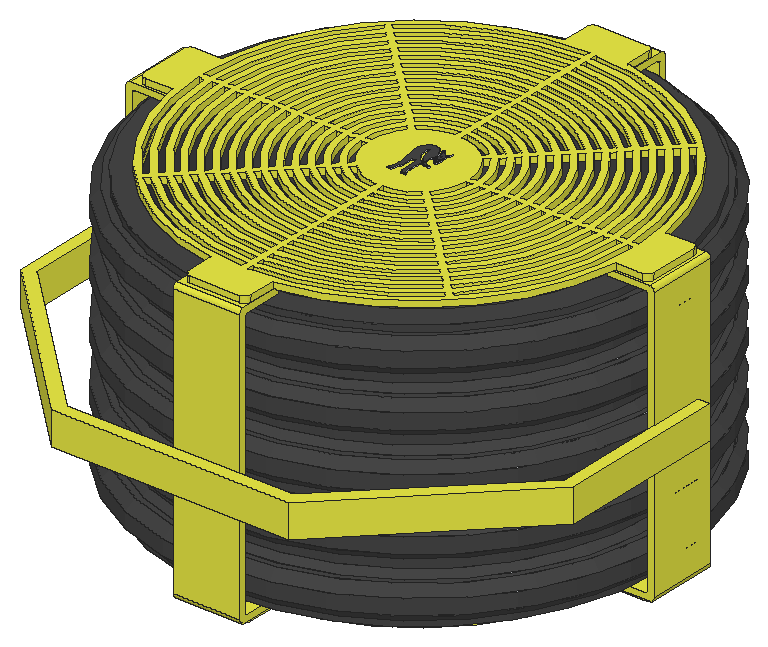
Revit family "yellow jacket", category Generic Models, Revit 2014
Reference planes (in)
  plane 1 "Center (Front/Back)": y = 0
  plane 2: z = 0
  plane 3 "Center (Left/Right)": x = 0
Forms (in)
  Extrusion 1, solid
    sketch origin (0, 0, 0) x (1, 0, 0) y (0, 1, 0)
      loop
        circle (0, 0) r 18
      loop
        circle (0, 0) r 17.5
    from 0 to 21
  Extrusion 2, solid
    sketch origin (0, 0, 0) x (1, 0, 0) y (0, 1, 0)
      loop
        circle (0, 0) r 19.5
      loop
        circle (0, 0) r 17.5
      loop
        circle (0, 18.58764) r 0.5
      loop
        circle (-18.75, 0) r 0.5
      loop
        circle (18.75, 0) r 0.5
      loop
        circle (0, -18.66236) r 0.5
    from -0.25 to 0.5
  Extrusion 3, solid
    sketch origin (0, 0, 0) x (1, 0, 0) y (0, 1, 0)
      loop
        circle (0, 0) r 19.5
      loop
        circle (0, 0) r 17.5
      loop
        circle (0, 18.58764) r 0.5
      loop
        circle (-18.75, 0) r 0.5
      loop
        circle (18.75, 0) r 0.5
      loop
        circle (0, -18.66236) r 0.5
    from 21 to 21.5
  Revolve 4, solid
    sketch origin (0, 0, 0) x (0, 1, 0) y (0, 0, 1)
      loop
        line (20.00803, 21) -> (18.01971, 21) -> (18.01971, 0.5) -> (20.00803, 0.5) -> (20.72137, 1.21333) -> (20.72137, 2.47434) -> (20.00803, 3.18767) -> (19.50363, 3.18767) -> (18.99923, 3.69208) -> (18.99923, 4.44868) -> (19.50363, 4.95308) -> (20.00803, 4.95308) -> (20.72137, 5.66641) -> (20.72137, 6.92742) -> (20.00803, 7.64075) -> (19.50363, 7.64075) -> (18.99923, 8.14516) -> (18.99923, 8.90176) -> (19.50363, 9.40616) -> (20.00803, 9.40616) -> (20.72137, 10.1195) -> (20.72137, 11.3805) -> (20.00803, 12.09384) -> (19.50363, 12.09384) -> (18.99923, 12.59824) -> (18.99923, 13.35484) -> (19.50363, 13.85925) -> (20.00803, 13.85925) -> (20.72137, 14.57258) -> (20.72137, 15.83359) -> (20.00803, 16.54692) -> (19.50363, 16.54692) -> (18.99923, 17.05132) -> (18.99923, 17.80792) -> (19.50363, 18.31233) -> (20.00803, 18.31233) -> (20.72137, 19.02566) -> (20.72137, 20.28667) -> (20.00803, 21)
      axis (0, 21) -> (0, 0.5)
    angle from 0 to 360
  Extrusion 5, solid
    sketch origin (0, 0, 0) x (1, 0, 0) y (0, 0, 1)
      loop
        line (-17.5, 21.5) -> (-17.5, 22) -> (-20.88008, 22)
        arc (-20.88008, 22) -> (-21.14165, 21.89165) -> (-21.25, 21.63008) r 0.36992
        line (-21.25, 21.63008) -> (-21.25, -0.37977)
        arc (-21.25, -0.37977) -> (-21.14156, -0.64156) -> (-20.87977, -0.75) r 0.37023
        line (-20.87977, -0.75) -> (-17.5, -0.75) -> (-17.5, -0.25) -> (-20.58346, -0.25)
        arc (-20.58346, -0.25) -> (-20.70122, -0.20122) -> (-20.75, -0.08346) r 0.16654
        line (-20.75, -0.08346) -> (-20.75, 21.35054)
        arc (-20.75, 21.35054) -> (-20.70622, 21.45622) -> (-20.60054, 21.5) r 0.14946
        line (-20.60054, 21.5) -> (-17.5, 21.5)
      loop
        line (17.5, 21.5) -> (20.60054, 21.5)
        arc (20.60054, 21.5) -> (20.70622, 21.45622) -> (20.75, 21.35054) r 0.14946
        line (20.75, 21.35054) -> (20.75, -0.08346)
        arc (20.75, -0.08346) -> (20.70122, -0.20122) -> (20.58346, -0.25) r 0.16654
        line (20.58346, -0.25) -> (17.5, -0.25) -> (17.5, -0.75) -> (20.87977, -0.75)
        arc (20.87977, -0.75) -> (21.14156, -0.64156) -> (21.25, -0.37977) r 0.37023
        line (21.25, -0.37977) -> (21.25, 21.63008)
        arc (21.25, 21.63008) -> (21.14165, 21.89165) -> (20.88008, 22) r 0.36992
        line (20.88008, 22) -> (17.5, 22) -> (17.5, 21.5)
    from -2.71486 to 2.87752
  Extrusion 6, solid
    sketch origin (0, 0, 0) x (0, 1, 0) y (0, 0, 1)
      loop
        line (17.5, 21.5) -> (20.59079, 21.5)
        arc (20.59079, 21.5) -> (20.70337, 21.45337) -> (20.75, 21.34079) r 0.15921
        line (20.75, 21.34079) -> (20.75, -0.05758)
        arc (20.75, -0.05758) -> (20.69364, -0.19364) -> (20.55758, -0.25) r 0.19242
        line (20.55758, -0.25) -> (17.5, -0.25) -> (17.5, -0.5) -> (17.5, -0.75) -> (20.79832, -0.75)
        arc (20.79832, -0.75) -> (21.1177, -0.6177) -> (21.25, -0.29832) r 0.45168
        line (21.25, -0.29832) -> (21.25, 21.69143)
        arc (21.25, 21.69143) -> (21.15962, 21.90962) -> (20.94143, 22) r 0.30857
        line (20.94143, 22) -> (17.5, 22) -> (17.5, 21.5)
      loop
        line (-17.66265, 21.5) -> (-17.66265, 22) -> (-21.10409, 22)
        arc (-21.10409, 22) -> (-21.32228, 21.90962) -> (-21.41265, 21.69143) r 0.30857
        line (-21.41265, 21.69143) -> (-21.41265, -0.29832)
        arc (-21.41265, -0.29832) -> (-21.28036, -0.6177) -> (-20.96097, -0.75) r 0.45168
        line (-20.96097, -0.75) -> (-17.66265, -0.75) -> (-17.66265, -0.5) -> (-17.66265, -0.25) -> (-20.72024, -0.25)
        arc (-20.72024, -0.25) -> (-20.8563, -0.19364) -> (-20.91265, -0.05758) r 0.19242
        line (-20.91265, -0.05758) -> (-20.91265, 21.34079)
        arc (-20.91265, 21.34079) -> (-20.86602, 21.45337) -> (-20.75344, 21.5) r 0.15921
        line (-20.75344, 21.5) -> (-17.66265, 21.5)
    from -2.58842 to 2.7515
  Extrusion 7, solid
    sketch origin (0, 0, 0) x (1, 0, 0) y (0, 1, 0)
      loop
        arc (-2.37825, 17.68301) -> (-12.60617, 12.58539) -> (-17.70379, 2.35746) r 18
        line (-17.70379, 2.35746) -> (-19.87825, 2.35746)
        arc (-19.87825, 2.35746) -> (-20.2318, 2.21102) -> (-20.37825, 1.85746) r 0.5
        line (-20.37825, 1.85746) -> (-20.37825, -2.14254)
        arc (-20.37825, -2.14254) -> (-20.2318, -2.49609) -> (-19.87825, -2.64254) r 0.5
        line (-19.87825, -2.64254) -> (-17.70379, -2.64254)
        arc (-17.70379, -2.64254) -> (-12.60617, -12.87046) -> (-2.37825, -17.96808) r 18
        line (-2.37825, -17.96808) -> (-2.37825, -20.14254)
        arc (-2.37825, -20.14254) -> (-2.2318, -20.49609) -> (-1.87825, -20.64254) r 0.5
        line (-1.87825, -20.64254) -> (2.12175, -20.64254)
        arc (2.12175, -20.64254) -> (2.47531, -20.49609) -> (2.62175, -20.14254) r 0.5
        line (2.62175, -20.14254) -> (2.62175, -17.96808)
        arc (2.62175, -17.96808) -> (12.84967, -12.87046) -> (17.9473, -2.64254) r 18
        line (17.9473, -2.64254) -> (20.12175, -2.64254)
        arc (20.12175, -2.64254) -> (20.47531, -2.49609) -> (20.62175, -2.14254) r 0.5
        line (20.62175, -2.14254) -> (20.62175, 1.85746)
        arc (20.62175, 1.85746) -> (20.47531, 2.21102) -> (20.12175, 2.35746) r 0.5
        line (20.12175, 2.35746) -> (17.9473, 2.35746)
        arc (17.9473, 2.35746) -> (12.84967, 12.58539) -> (2.62175, 17.68301) r 18
        line (2.62175, 17.68301) -> (2.62175, 19.85746)
        arc (2.62175, 19.85746) -> (2.47531, 20.21102) -> (2.12175, 20.35746) r 0.5
        line (2.12175, 20.35746) -> (-1.87825, 20.35746)
        arc (-1.87825, 20.35746) -> (-2.2318, 20.21102) -> (-2.37825, 19.85746) r 0.5
        line (-2.37825, 19.85746) -> (-2.37825, 17.68301)
      loop
        arc (-17.37646, -0.39254) -> (-16.04614, -6.8395) -> (-12.42813, -12.33887) r 17.5
        line (-12.42813, -12.33887) -> (-12.07454, -11.98528)
        arc (-12.07454, -11.98528) -> (-15.5842, -6.64815) -> (-16.87641, -0.39254) r 17
        line (-16.87641, -0.39254) -> (-17.37646, -0.39254)
      loop
        arc (-16.37635, -0.39254) -> (-15.12226, -6.45681) -> (-11.72095, -11.63168) r 16.5
        line (-11.72095, -11.63168) -> (-11.36735, -11.27809)
        arc (-11.36735, -11.27809) -> (-14.66032, -6.26547) -> (-15.8763, -0.39254) r 16
        line (-15.8763, -0.39254) -> (-16.37635, -0.39254)
      loop
        arc (-15.37623, -0.39254) -> (-14.19838, -6.07413) -> (-11.01375, -10.92449) r 15.5
        line (-11.01375, -10.92449) -> (-10.66015, -10.57089)
        arc (-10.66015, -10.57089) -> (-13.73644, -5.88279) -> (-14.87616, -0.39254) r 15
        line (-14.87616, -0.39254) -> (-15.37623, -0.39254)
      loop
        arc (-14.37609, -0.39254) -> (-13.2745, -5.69145) -> (-10.30655, -10.21728) r 14.5
        line (-10.30655, -10.21728) -> (-9.95294, -9.86368)
        arc (-9.95294, -9.86368) -> (-12.81256, -5.5001) -> (-13.87602, -0.39254) r 14
        line (-13.87602, -0.39254) -> (-14.37609, -0.39254)
      loop
        arc (-13.37593, -0.39254) -> (-12.35062, -5.30876) -> (-9.59933, -9.51006) r 13.5
        line (-9.59933, -9.51006) -> (-9.24571, -9.15645)
        arc (-9.24571, -9.15645) -> (-11.88868, -5.11742) -> (-12.87584, -0.39254) r 13
        line (-12.87584, -0.39254) -> (-13.37593, -0.39254)
      loop
        arc (-12.37575, -0.39254) -> (-11.42674, -4.92608) -> (-8.89209, -8.80283) r 12.5
        line (-8.89209, -8.80283) -> (-8.53846, -8.4492)
        arc (-8.53846, -8.4492) -> (-10.9648, -4.73474) -> (-11.87564, -0.39254) r 12
        line (-11.87564, -0.39254) -> (-12.37575, -0.39254)
      loop
        arc (-11.37553, -0.39254) -> (-10.50286, -4.5434) -> (-8.18483, -8.09557) r 11.5
        line (-8.18483, -8.09557) -> (-7.83119, -7.74193)
        arc (-7.83119, -7.74193) -> (-10.04092, -4.35205) -> (-10.87541, -0.39254) r 11
        line (-10.87541, -0.39254) -> (-11.37553, -0.39254)
      loop
        arc (-10.37527, -0.39254) -> (-9.57898, -4.16071) -> (-7.47754, -7.38828) r 10.5
        line (-7.47754, -7.38828) -> (-7.12388, -7.03462)
        arc (-7.12388, -7.03462) -> (-9.11704, -3.96937) -> (-9.87512, -0.39254) r 10
        line (-9.87512, -0.39254) -> (-10.37527, -0.39254)
      loop
        arc (-9.37496, -0.39254) -> (-8.6551, -3.77803) -> (-6.77021, -6.68095) r 9.5
        line (-6.77021, -6.68095) -> (-6.41653, -6.32726)
        arc (-6.41653, -6.32726) -> (-8.19316, -3.58669) -> (-8.87478, -0.39254) r 9
        line (-8.87478, -0.39254) -> (-9.37496, -0.39254)
      loop
        arc (-8.37457, -0.39254) -> (-7.73122, -3.39535) -> (-6.06283, -5.97357) r 8.5
        line (-6.06283, -5.97357) -> (-5.70912, -5.61985)
        arc (-5.70912, -5.61985) -> (-7.26928, -3.204) -> (-7.87434, -0.39254) r 8
        line (-7.87434, -0.39254) -> (-8.37457, -0.39254)
      loop
        arc (-7.37408, -0.39254) -> (-6.80734, -3.01266) -> (-5.35538, -5.26611) r 7.5
        line (-5.35538, -5.26611) -> (-5.00161, -4.91235)
        arc (-5.00161, -4.91235) -> (-6.34541, -2.82132) -> (-6.87378, -0.39254) r 7
        line (-6.87378, -0.39254) -> (-7.37408, -0.39254)
      loop
        arc (-6.37344, -0.39254) -> (-5.88347, -2.62998) -> (-4.64782, -4.55855) r 6.5
        line (-4.64782, -4.55855) -> (-4.29398, -4.20472)
        arc (-4.29398, -4.20472) -> (-5.42153, -2.43864) -> (-5.87304, -0.39254) r 6
        line (-5.87304, -0.39254) -> (-6.37344, -0.39254)
      loop
        arc (-5.37256, -0.39254) -> (-4.95959, -2.2473) -> (-3.94009, -3.85083) r 5.5
        line (-3.94009, -3.85083) -> (-3.58614, -3.49687)
        arc (-3.58614, -3.49687) -> (-4.49765, -2.05595) -> (-4.87199, -0.39254) r 5
        line (-4.87199, -0.39254) -> (-5.37256, -0.39254)
      loop
        arc (-4.3713, -0.39254) -> (-4.03571, -1.86461) -> (-3.23209, -3.14283) r 4.5
        line (-3.23209, -3.14283) -> (-2.87792, -2.78866)
        arc (-2.87792, -2.78866) -> (-3.57377, -1.67327) -> (-3.87043, -0.39254) r 4
        line (-3.87043, -0.39254) -> (-4.3713, -0.39254)
      loop
        line (-0.12825, 3.84964) -> (-0.12825, 4.35051)
        arc (-0.12825, 4.35051) -> (-1.60032, 4.01492) -> (-2.87854, 3.21131) r 4.5
        line (-2.87854, 3.21131) -> (-2.52437, 2.85714)
        arc (-2.52437, 2.85714) -> (-1.40898, 3.55298) -> (-0.12825, 3.84964) r 4
      loop
        line (-0.12825, 4.85121) -> (-0.12825, 5.35178)
        arc (-0.12825, 5.35178) -> (-1.98301, 4.9388) -> (-3.58654, 3.91931) r 5.5
        line (-3.58654, 3.91931) -> (-3.23258, 3.56535)
        arc (-3.23258, 3.56535) -> (-1.79167, 4.47686) -> (-0.12825, 4.85121) r 5
      loop
        line (-0.12825, 5.85225) -> (-0.12825, 6.35265)
        arc (-0.12825, 6.35265) -> (-2.36569, 5.86268) -> (-4.29426, 4.62703) r 6.5
        line (-4.29426, 4.62703) -> (-3.94043, 4.2732)
        arc (-3.94043, 4.2732) -> (-2.17435, 5.40074) -> (-0.12825, 5.85225) r 6
      loop
        line (-0.12825, 6.853) -> (-0.12825, 7.3533)
        arc (-0.12825, 7.3533) -> (-2.74837, 6.78656) -> (-5.00183, 5.33459) r 7.5
        line (-5.00183, 5.33459) -> (-4.64806, 4.98083)
        arc (-4.64806, 4.98083) -> (-2.55703, 6.32462) -> (-0.12825, 6.853) r 7
      loop
        line (-0.12825, 7.85356) -> (-0.12825, 8.35379)
        arc (-0.12825, 8.35379) -> (-3.13106, 7.71044) -> (-5.70928, 6.04205) r 8.5
        line (-5.70928, 6.04205) -> (-5.35556, 5.68833)
        arc (-5.35556, 5.68833) -> (-2.93972, 7.2485) -> (-0.12825, 7.85356) r 8
      loop
        line (-0.12825, 8.85399) -> (-0.12825, 9.35417)
        arc (-0.12825, 9.35417) -> (-3.51374, 8.63432) -> (-6.41666, 6.74943) r 9.5
        line (-6.41666, 6.74943) -> (-6.06298, 6.39575)
        arc (-6.06298, 6.39575) -> (-3.3224, 8.17238) -> (-0.12825, 8.85399) r 9
      loop
        line (-0.12825, 9.85434) -> (-0.12825, 10.35449)
        arc (-0.12825, 10.35449) -> (-3.89642, 9.5582) -> (-7.12399, 7.45676) r 10.5
        line (-7.12399, 7.45676) -> (-6.77033, 7.1031)
        arc (-6.77033, 7.1031) -> (-3.70508, 9.09626) -> (-0.12825, 9.85434) r 10
      loop
        line (-0.12825, 10.85462) -> (-0.12825, 11.35475)
        arc (-0.12825, 11.35475) -> (-4.27911, 10.48208) -> (-7.83128, 8.16405) r 11.5
        line (-7.83128, 8.16405) -> (-7.47764, 7.81041)
        arc (-7.47764, 7.81041) -> (-4.08777, 10.02014) -> (-0.12825, 10.85462) r 11
      loop
        line (-0.12825, 11.85486) -> (-0.12825, 12.35496)
        arc (-0.12825, 12.35496) -> (-4.66179, 11.40596) -> (-8.53854, 8.87131) r 12.5
        line (-8.53854, 8.87131) -> (-8.18491, 8.51768)
        arc (-8.18491, 8.51768) -> (-4.47045, 10.94402) -> (-0.12825, 11.85486) r 12
      loop
        line (-0.12825, 12.85506) -> (-0.12825, 13.35515)
        arc (-0.12825, 13.35515) -> (-5.04447, 12.32984) -> (-9.24578, 9.57854) r 13.5
        line (-9.24578, 9.57854) -> (-8.89216, 9.22493)
        arc (-8.89216, 9.22493) -> (-4.85313, 11.8679) -> (-0.12825, 12.85506) r 13
      loop
        line (-0.12825, 13.85523) -> (-0.12825, 14.35531)
        arc (-0.12825, 14.35531) -> (-5.42716, 13.25372) -> (-9.953, 10.28576) r 14.5
        line (-9.953, 10.28576) -> (-9.59939, 9.93216)
        arc (-9.59939, 9.93216) -> (-5.23582, 12.79178) -> (-0.12825, 13.85523) r 14
      loop
        line (-0.12825, 14.85538) -> (-0.12825, 15.35545)
        arc (-0.12825, 15.35545) -> (-5.80984, 14.1776) -> (-10.6602, 10.99297) r 15.5
        line (-10.6602, 10.99297) -> (-10.3066, 10.63937)
        arc (-10.3066, 10.63937) -> (-5.6185, 13.71566) -> (-0.12825, 14.85538) r 15
      loop
        line (-0.12825, 15.85551) -> (-0.12825, 16.35557)
        arc (-0.12825, 16.35557) -> (-6.19252, 15.10148) -> (-11.36739, 11.70016) r 16.5
        line (-11.36739, 11.70016) -> (-11.0138, 11.34657)
        arc (-11.0138, 11.34657) -> (-6.00118, 14.63954) -> (-0.12825, 15.85551) r 16
      loop
        line (-0.12825, 16.85563) -> (-0.12825, 17.35568)
        arc (-0.12825, 17.35568) -> (-6.57521, 16.02536) -> (-12.07458, 12.40735) r 17.5
        line (-12.07458, 12.40735) -> (-11.72099, 12.05376)
        arc (-11.72099, 12.05376) -> (-6.38387, 15.56342) -> (-0.12825, 16.85563) r 17
      loop
        line (0.37175, -4.13472) -> (0.37175, -4.63559)
        arc (0.37175, -4.63559) -> (1.84383, -4.29999) -> (3.12204, -3.49638) r 4.5
        line (3.12204, -3.49638) -> (2.76787, -3.14221)
        arc (2.76787, -3.14221) -> (1.65249, -3.83805) -> (0.37175, -4.13472) r 4
      loop
        line (0.37175, -5.13628) -> (0.37175, -5.63685)
        arc (0.37175, -5.63685) -> (2.22651, -5.22387) -> (3.83004, -4.20438) r 5.5
        line (3.83004, -4.20438) -> (3.47609, -3.85042)
        arc (3.47609, -3.85042) -> (2.03517, -4.76193) -> (0.37175, -5.13628) r 5
      loop
        line (0.37175, -6.13733) -> (0.37175, -6.63773)
        arc (0.37175, -6.63773) -> (2.60919, -6.14775) -> (4.53777, -4.91211) r 6.5
        line (4.53777, -4.91211) -> (4.18393, -4.55827)
        arc (4.18393, -4.55827) -> (2.41785, -5.68581) -> (0.37175, -6.13733) r 6
      loop
        line (0.37175, -7.13807) -> (0.37175, -7.63837)
        arc (0.37175, -7.63837) -> (2.99188, -7.07163) -> (5.24533, -5.61967) r 7.5
        line (5.24533, -5.61967) -> (4.89156, -5.2659)
        arc (4.89156, -5.2659) -> (2.80054, -6.60969) -> (0.37175, -7.13807) r 7
      loop
        line (0.37175, -8.13863) -> (0.37175, -8.63886)
        arc (0.37175, -8.63886) -> (3.37456, -7.99551) -> (5.95278, -6.32712) r 8.5
        line (5.95278, -6.32712) -> (5.59907, -5.9734)
        arc (5.59907, -5.9734) -> (3.18322, -7.53357) -> (0.37175, -8.13863) r 8
      loop
        line (0.37175, -9.13906) -> (0.37175, -9.63925)
        arc (0.37175, -9.63925) -> (3.75724, -8.91939) -> (6.66016, -7.0345) r 9.5
        line (6.66016, -7.0345) -> (6.30648, -6.68082)
        arc (6.30648, -6.68082) -> (3.5659, -8.45745) -> (0.37175, -9.13906) r 9
      loop
        line (0.37175, -10.13941) -> (0.37175, -10.63956)
        arc (0.37175, -10.63956) -> (4.13993, -9.84327) -> (7.36749, -7.74183) r 10.5
        line (7.36749, -7.74183) -> (7.01383, -7.38817)
        arc (7.01383, -7.38817) -> (3.94859, -9.38133) -> (0.37175, -10.13941) r 10
      loop
        line (0.37175, -11.1397) -> (0.37175, -11.63982)
        arc (0.37175, -11.63982) -> (4.52261, -10.76715) -> (8.07478, -8.44912) r 11.5
        line (8.07478, -8.44912) -> (7.72114, -8.09548)
        arc (7.72114, -8.09548) -> (4.33127, -10.30521) -> (0.37175, -11.1397) r 11
      loop
        line (0.37175, -12.13993) -> (0.37175, -12.64004)
        arc (0.37175, -12.64004) -> (4.90529, -11.69103) -> (8.78204, -9.15638) r 12.5
        line (8.78204, -9.15638) -> (8.42841, -8.80275)
        arc (8.42841, -8.80275) -> (4.71395, -11.22909) -> (0.37175, -12.13993) r 12
      loop
        line (0.37175, -13.14013) -> (0.37175, -13.64022)
        arc (0.37175, -13.64022) -> (5.28798, -12.61491) -> (9.48928, -9.86362) r 13.5
        line (9.48928, -9.86362) -> (9.13566, -9.51)
        arc (9.13566, -9.51) -> (5.09664, -12.15297) -> (0.37175, -13.14013) r 13
      loop
        line (0.37175, -14.1403) -> (0.37175, -14.64038)
        arc (0.37175, -14.64038) -> (5.67066, -13.53879) -> (10.1965, -10.57084) r 14.5
        line (10.1965, -10.57084) -> (9.84289, -10.21723)
        arc (9.84289, -10.21723) -> (5.47932, -13.07685) -> (0.37175, -14.1403) r 14
      loop
        line (0.37175, -15.14045) -> (0.37175, -15.64052)
        arc (0.37175, -15.64052) -> (6.05334, -14.46267) -> (10.9037, -11.27804) r 15.5
        line (10.9037, -11.27804) -> (10.5501, -10.92444)
        arc (10.5501, -10.92444) -> (5.862, -14.00073) -> (0.37175, -15.14045) r 15
      loop
        line (0.37175, -16.14058) -> (0.37175, -16.64064)
        arc (0.37175, -16.64064) -> (6.43603, -15.38655) -> (11.6109, -11.98524) r 16.5
        line (11.6109, -11.98524) -> (11.2573, -11.63164)
        arc (11.2573, -11.63164) -> (6.24469, -14.92461) -> (0.37175, -16.14058) r 16
      loop
        line (0.37175, -17.1407) -> (0.37175, -17.64075)
        arc (0.37175, -17.64075) -> (6.81871, -16.31043) -> (12.31808, -12.69242) r 17.5
        line (12.31808, -12.69242) -> (11.96449, -12.33883)
        arc (11.96449, -12.33883) -> (6.62737, -15.84849) -> (0.37175, -17.1407) r 17
      loop
        line (4.11393, 0.10746) -> (4.6148, 0.10746)
        arc (4.6148, 0.10746) -> (4.27921, 1.57954) -> (3.47559, 2.85775) r 4.5
        line (3.47559, 2.85775) -> (3.12143, 2.50358)
        arc (3.12143, 2.50358) -> (3.81727, 1.3882) -> (4.11393, 0.10746) r 4
      loop
        line (5.1155, 0.10746) -> (5.61607, 0.10746)
        arc (5.61607, 0.10746) -> (5.20309, 1.96222) -> (4.1836, 3.56575) r 5.5
        line (4.1836, 3.56575) -> (3.82964, 3.2118)
        arc (3.82964, 3.2118) -> (4.74115, 1.77088) -> (5.1155, 0.10746) r 5
      loop
        line (6.11654, 0.10746) -> (6.61694, 0.10746)
        arc (6.61694, 0.10746) -> (6.12697, 2.34491) -> (4.89132, 4.27348) r 6.5
        line (4.89132, 4.27348) -> (4.53748, 3.91964)
        arc (4.53748, 3.91964) -> (5.66503, 2.15356) -> (6.11654, 0.10746) r 6
      loop
        line (7.11729, 0.10746) -> (7.61758, 0.10746)
        arc (7.61758, 0.10746) -> (7.05085, 2.72759) -> (5.59888, 4.98104) r 7.5
        line (5.59888, 4.98104) -> (5.24512, 4.62728)
        arc (5.24512, 4.62728) -> (6.58891, 2.53625) -> (7.11729, 0.10746) r 7
      loop
        line (8.11784, 0.10746) -> (8.61807, 0.10746)
        arc (8.61807, 0.10746) -> (7.97473, 3.11027) -> (6.30634, 5.68849) r 8.5
        line (6.30634, 5.68849) -> (5.95262, 5.33478)
        arc (5.95262, 5.33478) -> (7.51279, 2.91893) -> (8.11784, 0.10746) r 8
      loop
        line (9.11828, 0.10746) -> (9.61846, 0.10746)
        arc (9.61846, 0.10746) -> (8.89861, 3.49296) -> (7.01372, 6.39587) r 9.5
        line (7.01372, 6.39587) -> (6.66003, 6.04219)
        arc (6.66003, 6.04219) -> (8.43667, 3.30161) -> (9.11828, 0.10746) r 9
      loop
        line (10.11863, 0.10746) -> (10.61878, 0.10746)
        arc (10.61878, 0.10746) -> (9.82249, 3.87564) -> (7.72104, 7.1032) r 10.5
        line (7.72104, 7.1032) -> (7.36739, 6.74954)
        arc (7.36739, 6.74954) -> (9.36055, 3.6843) -> (10.11863, 0.10746) r 10
      loop
        line (11.11891, 0.10746) -> (11.61903, 0.10746)
        arc (11.61903, 0.10746) -> (10.74637, 4.25832) -> (8.42833, 7.81049) r 11.5
        line (8.42833, 7.81049) -> (8.07469, 7.45685)
        arc (8.07469, 7.45685) -> (10.28443, 4.06698) -> (11.11891, 0.10746) r 11
      loop
        line (12.11915, 0.10746) -> (12.61925, 0.10746)
        arc (12.61925, 0.10746) -> (11.67025, 4.64101) -> (9.1356, 8.51775) r 12.5
        line (9.1356, 8.51775) -> (8.78197, 8.16413)
        arc (8.78197, 8.16413) -> (11.20831, 4.44966) -> (12.11915, 0.10746) r 12
      loop
        line (13.11935, 0.10746) -> (13.61944, 0.10746)
        arc (13.61944, 0.10746) -> (12.59413, 5.02369) -> (9.84283, 9.22499) r 13.5
        line (9.84283, 9.22499) -> (9.48922, 8.87138)
        arc (9.48922, 8.87138) -> (12.13219, 4.83235) -> (13.11935, 0.10746) r 13
      loop
        line (14.11952, 0.10746) -> (14.6196, 0.10746)
        arc (14.6196, 0.10746) -> (13.518, 5.40637) -> (10.55005, 9.93221) r 14.5
        line (10.55005, 9.93221) -> (10.19644, 9.5786)
        arc (10.19644, 9.5786) -> (13.05607, 5.21503) -> (14.11952, 0.10746) r 14
      loop
        line (15.11967, 0.10746) -> (15.61974, 0.10746)
        arc (15.61974, 0.10746) -> (14.44188, 5.78906) -> (11.25726, 10.63942) r 15.5
        line (11.25726, 10.63942) -> (10.90366, 10.28582)
        arc (10.90366, 10.28582) -> (13.97994, 5.59772) -> (15.11967, 0.10746) r 15
      loop
        line (16.1198, 0.10746) -> (16.61986, 0.10746)
        arc (16.61986, 0.10746) -> (15.36576, 6.17174) -> (11.96445, 11.34661) r 16.5
        line (11.96445, 11.34661) -> (11.61086, 10.99301)
        arc (11.61086, 10.99301) -> (14.90382, 5.9804) -> (16.1198, 0.10746) r 16
      loop
        line (17.11991, 0.10746) -> (17.61997, 0.10746)
        arc (17.61997, 0.10746) -> (16.28964, 6.55442) -> (12.67163, 12.05379) r 17.5
        line (12.67163, 12.05379) -> (12.31804, 11.7002)
        arc (12.31804, 11.7002) -> (15.8277, 6.36308) -> (17.11991, 0.10746) r 17
      loop
        arc (12.31808, 12.40735) -> (6.81871, 16.02536) -> (0.37175, 17.35568) r 17.5
        line (0.37175, 17.35568) -> (0.37175, 16.85563)
        arc (0.37175, 16.85563) -> (6.62737, 15.56342) -> (11.96449, 12.05376) r 17
        line (11.96449, 12.05376) -> (12.31808, 12.40735)
      loop
        arc (11.6109, 11.70016) -> (6.43603, 15.10148) -> (0.37175, 16.35557) r 16.5
        line (0.37175, 16.35557) -> (0.37175, 15.85551)
        arc (0.37175, 15.85551) -> (6.24469, 14.63954) -> (11.2573, 11.34657) r 16
        line (11.2573, 11.34657) -> (11.6109, 11.70016)
      loop
        arc (10.9037, 10.99297) -> (6.05334, 14.1776) -> (0.37175, 15.35545) r 15.5
        line (0.37175, 15.35545) -> (0.37175, 14.85538)
        arc (0.37175, 14.85538) -> (5.862, 13.71566) -> (10.5501, 10.63937) r 15
        line (10.5501, 10.63937) -> (10.9037, 10.99297)
      loop
        arc (10.1965, 10.28576) -> (5.67066, 13.25372) -> (0.37175, 14.35531) r 14.5
        line (0.37175, 14.35531) -> (0.37175, 13.85523)
        arc (0.37175, 13.85523) -> (5.47932, 12.79178) -> (9.84289, 9.93216) r 14
        line (9.84289, 9.93216) -> (10.1965, 10.28576)
      loop
        arc (9.48928, 9.57854) -> (5.28798, 12.32984) -> (0.37175, 13.35515) r 13.5
        line (0.37175, 13.35515) -> (0.37175, 12.85506)
        arc (0.37175, 12.85506) -> (5.09664, 11.8679) -> (9.13566, 9.22493) r 13
        line (9.13566, 9.22493) -> (9.48928, 9.57854)
      loop
        arc (8.78204, 8.87131) -> (4.90529, 11.40596) -> (0.37175, 12.35496) r 12.5
        line (0.37175, 12.35496) -> (0.37175, 11.85486)
        arc (0.37175, 11.85486) -> (4.71395, 10.94402) -> (8.42841, 8.51768) r 12
        line (8.42841, 8.51768) -> (8.78204, 8.87131)
      loop
        arc (8.07478, 8.16405) -> (4.52261, 10.48208) -> (0.37175, 11.35475) r 11.5
        line (0.37175, 11.35475) -> (0.37175, 10.85462)
        arc (0.37175, 10.85462) -> (4.33127, 10.02014) -> (7.72114, 7.81041) r 11
        line (7.72114, 7.81041) -> (8.07478, 8.16405)
      loop
        arc (7.36749, 7.45676) -> (4.13993, 9.5582) -> (0.37175, 10.35449) r 10.5
        line (0.37175, 10.35449) -> (0.37175, 9.85434)
        arc (0.37175, 9.85434) -> (3.94859, 9.09626) -> (7.01383, 7.1031) r 10
        line (7.01383, 7.1031) -> (7.36749, 7.45676)
      loop
        arc (6.66016, 6.74943) -> (3.75724, 8.63432) -> (0.37175, 9.35417) r 9.5
        line (0.37175, 9.35417) -> (0.37175, 8.85399)
        arc (0.37175, 8.85399) -> (3.5659, 8.17238) -> (6.30648, 6.39575) r 9
        line (6.30648, 6.39575) -> (6.66016, 6.74943)
      loop
        arc (5.95278, 6.04205) -> (3.37456, 7.71044) -> (0.37175, 8.35379) r 8.5
        line (0.37175, 8.35379) -> (0.37175, 7.85356)
        arc (0.37175, 7.85356) -> (3.18322, 7.2485) -> (5.59907, 5.68833) r 8
        line (5.59907, 5.68833) -> (5.95278, 6.04205)
      loop
        arc (5.24533, 5.33459) -> (2.99188, 6.78656) -> (0.37175, 7.3533) r 7.5
        line (0.37175, 7.3533) -> (0.37175, 6.853)
        arc (0.37175, 6.853) -> (2.80054, 6.32462) -> (4.89156, 4.98083) r 7
        line (4.89156, 4.98083) -> (5.24533, 5.33459)
      loop
        arc (4.53777, 4.62703) -> (2.60919, 5.86268) -> (0.37175, 6.35265) r 6.5
        line (0.37175, 6.35265) -> (0.37175, 5.85225)
        arc (0.37175, 5.85225) -> (2.41785, 5.40074) -> (4.18393, 4.2732) r 6
        line (4.18393, 4.2732) -> (4.53777, 4.62703)
      loop
        arc (3.83004, 3.91931) -> (2.22651, 4.9388) -> (0.37175, 5.35178) r 5.5
        line (0.37175, 5.35178) -> (0.37175, 4.85121)
        arc (0.37175, 4.85121) -> (2.03517, 4.47686) -> (3.47609, 3.56535) r 5
        line (3.47609, 3.56535) -> (3.83004, 3.91931)
      loop
        arc (3.12204, 3.21131) -> (1.84383, 4.01492) -> (0.37175, 4.35051) r 4.5
        line (0.37175, 4.35051) -> (0.37175, 3.84964)
        arc (0.37175, 3.84964) -> (1.65249, 3.55298) -> (2.76787, 2.85714) r 4
        line (2.76787, 2.85714) -> (3.12204, 3.21131)
      loop
        line (-2.87792, 2.50358) -> (-3.23209, 2.85775)
        arc (-3.23209, 2.85775) -> (-4.03571, 1.57954) -> (-4.3713, 0.10746) r 4.5
        line (-4.3713, 0.10746) -> (-3.87043, 0.10746)
        arc (-3.87043, 0.10746) -> (-3.57377, 1.3882) -> (-2.87792, 2.50358) r 4
      loop
        line (-3.58614, 3.2118) -> (-3.94009, 3.56575)
        arc (-3.94009, 3.56575) -> (-4.95959, 1.96222) -> (-5.37256, 0.10746) r 5.5
        line (-5.37256, 0.10746) -> (-4.87199, 0.10746)
        arc (-4.87199, 0.10746) -> (-4.49765, 1.77088) -> (-3.58614, 3.2118) r 5
      loop
        line (-4.29398, 3.91964) -> (-4.64782, 4.27348)
        arc (-4.64782, 4.27348) -> (-5.88347, 2.34491) -> (-6.37344, 0.10746) r 6.5
        line (-6.37344, 0.10746) -> (-5.87304, 0.10746)
        arc (-5.87304, 0.10746) -> (-5.42153, 2.15356) -> (-4.29398, 3.91964) r 6
      loop
        line (-5.00161, 4.62728) -> (-5.35538, 4.98104)
        arc (-5.35538, 4.98104) -> (-6.80734, 2.72759) -> (-7.37408, 0.10746) r 7.5
        line (-7.37408, 0.10746) -> (-6.87378, 0.10746)
        arc (-6.87378, 0.10746) -> (-6.34541, 2.53625) -> (-5.00161, 4.62728) r 7
      loop
        line (-5.70912, 5.33478) -> (-6.06283, 5.68849)
        arc (-6.06283, 5.68849) -> (-7.73122, 3.11027) -> (-8.37457, 0.10746) r 8.5
        line (-8.37457, 0.10746) -> (-7.87434, 0.10746)
        arc (-7.87434, 0.10746) -> (-7.26928, 2.91893) -> (-5.70912, 5.33478) r 8
      loop
        line (-6.41653, 6.04219) -> (-6.77021, 6.39587)
        arc (-6.77021, 6.39587) -> (-8.6551, 3.49296) -> (-9.37496, 0.10746) r 9.5
        line (-9.37496, 0.10746) -> (-8.87478, 0.10746)
        arc (-8.87478, 0.10746) -> (-8.19316, 3.30161) -> (-6.41653, 6.04219) r 9
      loop
        line (-7.12388, 6.74954) -> (-7.47754, 7.1032)
        arc (-7.47754, 7.1032) -> (-9.57898, 3.87564) -> (-10.37527, 0.10746) r 10.5
        line (-10.37527, 0.10746) -> (-9.87512, 0.10746)
        arc (-9.87512, 0.10746) -> (-9.11704, 3.6843) -> (-7.12388, 6.74954) r 10
      loop
        line (-7.83119, 7.45685) -> (-8.18483, 7.81049)
        arc (-8.18483, 7.81049) -> (-10.50286, 4.25832) -> (-11.37553, 0.10746) r 11.5
        line (-11.37553, 0.10746) -> (-10.87541, 0.10746)
        arc (-10.87541, 0.10746) -> (-10.04092, 4.06698) -> (-7.83119, 7.45685) r 11
      loop
        line (-8.53846, 8.16413) -> (-8.89209, 8.51775)
        arc (-8.89209, 8.51775) -> (-11.42674, 4.64101) -> (-12.37575, 0.10746) r 12.5
        line (-12.37575, 0.10746) -> (-11.87564, 0.10746)
        arc (-11.87564, 0.10746) -> (-10.9648, 4.44966) -> (-8.53846, 8.16413) r 12
      loop
        line (-9.24571, 8.87138) -> (-9.59933, 9.22499)
        arc (-9.59933, 9.22499) -> (-12.35062, 5.02369) -> (-13.37593, 0.10746) r 13.5
        line (-13.37593, 0.10746) -> (-12.87584, 0.10746)
        arc (-12.87584, 0.10746) -> (-11.88868, 4.83235) -> (-9.24571, 8.87138) r 13
      loop
        line (-9.95294, 9.5786) -> (-10.30655, 9.93221)
        arc (-10.30655, 9.93221) -> (-13.2745, 5.40637) -> (-14.37609, 0.10746) r 14.5
        line (-14.37609, 0.10746) -> (-13.87602, 0.10746)
        arc (-13.87602, 0.10746) -> (-12.81256, 5.21503) -> (-9.95294, 9.5786) r 14
      loop
        line (-10.66015, 10.28582) -> (-11.01375, 10.63942)
        arc (-11.01375, 10.63942) -> (-14.19838, 5.78906) -> (-15.37623, 0.10746) r 15.5
        line (-15.37623, 0.10746) -> (-14.87616, 0.10746)
        arc (-14.87616, 0.10746) -> (-13.73644, 5.59772) -> (-10.66015, 10.28582) r 15
      loop
        line (-11.36735, 10.99301) -> (-11.72095, 11.34661)
        arc (-11.72095, 11.34661) -> (-15.12226, 6.17174) -> (-16.37635, 0.10746) r 16.5
        line (-16.37635, 0.10746) -> (-15.8763, 0.10746)
        arc (-15.8763, 0.10746) -> (-14.66032, 5.9804) -> (-11.36735, 10.99301) r 16
      loop
        line (-12.07454, 11.7002) -> (-12.42813, 12.05379)
        arc (-12.42813, 12.05379) -> (-16.04614, 6.55442) -> (-17.37646, 0.10746) r 17.5
        line (-17.37646, 0.10746) -> (-16.87641, 0.10746)
        arc (-16.87641, 0.10746) -> (-15.5842, 6.36308) -> (-12.07454, 11.7002) r 17
      loop
        line (-2.52437, -3.14221) -> (-2.87854, -3.49638)
        arc (-2.87854, -3.49638) -> (-1.60032, -4.29999) -> (-0.12825, -4.63559) r 4.5
        line (-0.12825, -4.63559) -> (-0.12825, -4.13472)
        arc (-0.12825, -4.13472) -> (-1.40898, -3.83805) -> (-2.52437, -3.14221) r 4
      loop
        line (-3.23258, -3.85042) -> (-3.58654, -4.20438)
        arc (-3.58654, -4.20438) -> (-1.98301, -5.22387) -> (-0.12825, -5.63685) r 5.5
        line (-0.12825, -5.63685) -> (-0.12825, -5.13628)
        arc (-0.12825, -5.13628) -> (-1.79167, -4.76193) -> (-3.23258, -3.85042) r 5
      loop
        line (-3.94043, -4.55827) -> (-4.29426, -4.91211)
        arc (-4.29426, -4.91211) -> (-2.36569, -6.14775) -> (-0.12825, -6.63773) r 6.5
        line (-0.12825, -6.63773) -> (-0.12825, -6.13733)
        arc (-0.12825, -6.13733) -> (-2.17435, -5.68581) -> (-3.94043, -4.55827) r 6
      loop
        line (-4.64806, -5.2659) -> (-5.00183, -5.61967)
        arc (-5.00183, -5.61967) -> (-2.74837, -7.07163) -> (-0.12825, -7.63837) r 7.5
        line (-0.12825, -7.63837) -> (-0.12825, -7.13807)
        arc (-0.12825, -7.13807) -> (-2.55703, -6.60969) -> (-4.64806, -5.2659) r 7
      loop
        line (-5.35556, -5.9734) -> (-5.70928, -6.32712)
        arc (-5.70928, -6.32712) -> (-3.13106, -7.99551) -> (-0.12825, -8.63886) r 8.5
        line (-0.12825, -8.63886) -> (-0.12825, -8.13863)
        arc (-0.12825, -8.13863) -> (-2.93972, -7.53357) -> (-5.35556, -5.9734) r 8
      loop
        line (-6.06298, -6.68082) -> (-6.41666, -7.0345)
        arc (-6.41666, -7.0345) -> (-3.51374, -8.91939) -> (-0.12825, -9.63925) r 9.5
        line (-0.12825, -9.63925) -> (-0.12825, -9.13906)
        arc (-0.12825, -9.13906) -> (-3.3224, -8.45745) -> (-6.06298, -6.68082) r 9
      loop
        line (-6.77033, -7.38817) -> (-7.12399, -7.74183)
        arc (-7.12399, -7.74183) -> (-3.89642, -9.84327) -> (-0.12825, -10.63956) r 10.5
        line (-0.12825, -10.63956) -> (-0.12825, -10.13941)
        arc (-0.12825, -10.13941) -> (-3.70508, -9.38133) -> (-6.77033, -7.38817) r 10
      loop
        line (-7.47764, -8.09548) -> (-7.83128, -8.44912)
        arc (-7.83128, -8.44912) -> (-4.27911, -10.76715) -> (-0.12825, -11.63982) r 11.5
        line (-0.12825, -11.63982) -> (-0.12825, -11.1397)
        arc (-0.12825, -11.1397) -> (-4.08777, -10.30521) -> (-7.47764, -8.09548) r 11
      loop
        line (-8.18491, -8.80275) -> (-8.53854, -9.15638)
        arc (-8.53854, -9.15638) -> (-4.66179, -11.69103) -> (-0.12825, -12.64004) r 12.5
        line (-0.12825, -12.64004) -> (-0.12825, -12.13993)
        arc (-0.12825, -12.13993) -> (-4.47045, -11.22909) -> (-8.18491, -8.80275) r 12
      loop
        line (-8.89216, -9.51) -> (-9.24578, -9.86362)
        arc (-9.24578, -9.86362) -> (-5.04447, -12.61491) -> (-0.12825, -13.64022) r 13.5
        line (-0.12825, -13.64022) -> (-0.12825, -13.14013)
        arc (-0.12825, -13.14013) -> (-4.85313, -12.15297) -> (-8.89216, -9.51) r 13
      loop
        line (-9.59939, -10.21723) -> (-9.953, -10.57084)
        arc (-9.953, -10.57084) -> (-5.42716, -13.53879) -> (-0.12825, -14.64038) r 14.5
        line (-0.12825, -14.64038) -> (-0.12825, -14.1403)
        arc (-0.12825, -14.1403) -> (-5.23582, -13.07685) -> (-9.59939, -10.21723) r 14
      loop
        line (-10.3066, -10.92444) -> (-10.6602, -11.27804)
        arc (-10.6602, -11.27804) -> (-5.80984, -14.46267) -> (-0.12825, -15.64052) r 15.5
        line (-0.12825, -15.64052) -> (-0.12825, -15.14045)
        arc (-0.12825, -15.14045) -> (-5.6185, -14.00073) -> (-10.3066, -10.92444) r 15
      loop
        line (-11.0138, -11.63164) -> (-11.36739, -11.98524)
        arc (-11.36739, -11.98524) -> (-6.19252, -15.38655) -> (-0.12825, -16.64064) r 16.5
        line (-0.12825, -16.64064) -> (-0.12825, -16.14058)
        arc (-0.12825, -16.14058) -> (-6.00118, -14.92461) -> (-11.0138, -11.63164) r 16
      loop
        line (-11.72099, -12.33883) -> (-12.07458, -12.69242)
        arc (-12.07458, -12.69242) -> (-6.57521, -16.31043) -> (-0.12825, -17.64075) r 17.5
        line (-0.12825, -17.64075) -> (-0.12825, -17.1407)
        arc (-0.12825, -17.1407) -> (-6.38387, -15.84849) -> (-11.72099, -12.33883) r 17
      loop
        arc (3.47559, -3.14283) -> (4.27921, -1.86461) -> (4.6148, -0.39254) r 4.5
        line (4.6148, -0.39254) -> (4.11393, -0.39254)
        arc (4.11393, -0.39254) -> (3.81727, -1.67327) -> (3.12143, -2.78866) r 4
        line (3.12143, -2.78866) -> (3.47559, -3.14283)
      loop
        line (3.82964, -3.49687) -> (4.1836, -3.85083)
        arc (4.1836, -3.85083) -> (5.20309, -2.2473) -> (5.61607, -0.39254) r 5.5
        line (5.61607, -0.39254) -> (5.1155, -0.39254)
        arc (5.1155, -0.39254) -> (4.74115, -2.05595) -> (3.82964, -3.49687) r 5
      loop
        line (4.53748, -4.20472) -> (4.89132, -4.55855)
        arc (4.89132, -4.55855) -> (6.12697, -2.62998) -> (6.61694, -0.39254) r 6.5
        line (6.61694, -0.39254) -> (6.11654, -0.39254)
        arc (6.11654, -0.39254) -> (5.66503, -2.43864) -> (4.53748, -4.20472) r 6
      loop
        line (5.24512, -4.91235) -> (5.59888, -5.26611)
        arc (5.59888, -5.26611) -> (7.05085, -3.01266) -> (7.61758, -0.39254) r 7.5
        line (7.61758, -0.39254) -> (7.11729, -0.39254)
        arc (7.11729, -0.39254) -> (6.58891, -2.82132) -> (5.24512, -4.91235) r 7
      loop
        line (5.95262, -5.61985) -> (6.30634, -5.97357)
        arc (6.30634, -5.97357) -> (7.97473, -3.39535) -> (8.61807, -0.39254) r 8.5
        line (8.61807, -0.39254) -> (8.11784, -0.39254)
        arc (8.11784, -0.39254) -> (7.51279, -3.204) -> (5.95262, -5.61985) r 8
      loop
        line (6.66003, -6.32726) -> (7.01372, -6.68095)
        arc (7.01372, -6.68095) -> (8.89861, -3.77803) -> (9.61846, -0.39254) r 9.5
        line (9.61846, -0.39254) -> (9.11828, -0.39254)
        arc (9.11828, -0.39254) -> (8.43667, -3.58669) -> (6.66003, -6.32726) r 9
      loop
        line (7.36739, -7.03462) -> (7.72104, -7.38828)
        arc (7.72104, -7.38828) -> (9.82249, -4.16071) -> (10.61878, -0.39254) r 10.5
        line (10.61878, -0.39254) -> (10.11863, -0.39254)
        arc (10.11863, -0.39254) -> (9.36055, -3.96937) -> (7.36739, -7.03462) r 10
      loop
        line (8.07469, -7.74193) -> (8.42833, -8.09557)
        arc (8.42833, -8.09557) -> (10.74637, -4.5434) -> (11.61903, -0.39254) r 11.5
        line (11.61903, -0.39254) -> (11.11891, -0.39254)
        arc (11.11891, -0.39254) -> (10.28443, -4.35205) -> (8.07469, -7.74193) r 11
      loop
        line (8.78197, -8.4492) -> (9.1356, -8.80283)
        arc (9.1356, -8.80283) -> (11.67025, -4.92608) -> (12.61925, -0.39254) r 12.5
        line (12.61925, -0.39254) -> (12.11915, -0.39254)
        arc (12.11915, -0.39254) -> (11.20831, -4.73474) -> (8.78197, -8.4492) r 12
      loop
        line (9.48922, -9.15645) -> (9.84283, -9.51006)
        arc (9.84283, -9.51006) -> (12.59413, -5.30876) -> (13.61944, -0.39254) r 13.5
        line (13.61944, -0.39254) -> (13.11935, -0.39254)
        arc (13.11935, -0.39254) -> (12.13219, -5.11742) -> (9.48922, -9.15645) r 13
      loop
        line (10.19644, -9.86368) -> (10.55005, -10.21728)
        arc (10.55005, -10.21728) -> (13.518, -5.69145) -> (14.6196, -0.39254) r 14.5
        line (14.6196, -0.39254) -> (14.11952, -0.39254)
        arc (14.11952, -0.39254) -> (13.05607, -5.5001) -> (10.19644, -9.86368) r 14
      loop
        line (10.90366, -10.57089) -> (11.25726, -10.92449)
        arc (11.25726, -10.92449) -> (14.44188, -6.07413) -> (15.61974, -0.39254) r 15.5
        line (15.61974, -0.39254) -> (15.11967, -0.39254)
        arc (15.11967, -0.39254) -> (13.97994, -5.88279) -> (10.90366, -10.57089) r 15
      loop
        line (11.61086, -11.27809) -> (11.96445, -11.63168)
        arc (11.96445, -11.63168) -> (15.36576, -6.45681) -> (16.61986, -0.39254) r 16.5
        line (16.61986, -0.39254) -> (16.1198, -0.39254)
        arc (16.1198, -0.39254) -> (14.90382, -6.26547) -> (11.61086, -11.27809) r 16
      loop
        line (12.31804, -11.98528) -> (12.67163, -12.33887)
        arc (12.67163, -12.33887) -> (16.28964, -6.8395) -> (17.61997, -0.39254) r 17.5
        line (17.61997, -0.39254) -> (17.11991, -0.39254)
        arc (17.11991, -0.39254) -> (15.8277, -6.64815) -> (12.31804, -11.98528) r 17
    from -1 to -0.5
  Extrusion 8, solid
    sketch origin (0, 0, 0) x (1, 0, 0) y (0, 1, 0)
      loop
        arc (-2.37825, 17.68301) -> (-12.60617, 12.58539) -> (-17.70379, 2.35746) r 18
        line (-17.70379, 2.35746) -> (-19.87825, 2.35746)
        arc (-19.87825, 2.35746) -> (-20.2318, 2.21102) -> (-20.37825, 1.85746) r 0.5
        line (-20.37825, 1.85746) -> (-20.37825, -2.14254)
        arc (-20.37825, -2.14254) -> (-20.2318, -2.49609) -> (-19.87825, -2.64254) r 0.5
        line (-19.87825, -2.64254) -> (-17.70379, -2.64254)
        arc (-17.70379, -2.64254) -> (-12.60617, -12.87046) -> (-2.37825, -17.96808) r 18
        line (-2.37825, -17.96808) -> (-2.37825, -20.14254)
        arc (-2.37825, -20.14254) -> (-2.2318, -20.49609) -> (-1.87825, -20.64254) r 0.5
        line (-1.87825, -20.64254) -> (2.12175, -20.64254)
        arc (2.12175, -20.64254) -> (2.47531, -20.49609) -> (2.62175, -20.14254) r 0.5
        line (2.62175, -20.14254) -> (2.62175, -17.96808)
        arc (2.62175, -17.96808) -> (12.84967, -12.87046) -> (17.9473, -2.64254) r 18
        line (17.9473, -2.64254) -> (20.12175, -2.64254)
        arc (20.12175, -2.64254) -> (20.47531, -2.49609) -> (20.62175, -2.14254) r 0.5
        line (20.62175, -2.14254) -> (20.62175, 1.85746)
        arc (20.62175, 1.85746) -> (20.47531, 2.21102) -> (20.12175, 2.35746) r 0.5
        line (20.12175, 2.35746) -> (17.9473, 2.35746)
        arc (17.9473, 2.35746) -> (12.84967, 12.58539) -> (2.62175, 17.68301) r 18
        line (2.62175, 17.68301) -> (2.62175, 19.85746)
        arc (2.62175, 19.85746) -> (2.47531, 20.21102) -> (2.12175, 20.35746) r 0.5
        line (2.12175, 20.35746) -> (-1.87825, 20.35746)
        arc (-1.87825, 20.35746) -> (-2.2318, 20.21102) -> (-2.37825, 19.85746) r 0.5
        line (-2.37825, 19.85746) -> (-2.37825, 17.68301)
      loop
        arc (-17.37646, -0.39254) -> (-16.04614, -6.8395) -> (-12.42813, -12.33887) r 17.5
        line (-12.42813, -12.33887) -> (-12.07454, -11.98528)
        arc (-12.07454, -11.98528) -> (-15.5842, -6.64815) -> (-16.87641, -0.39254) r 17
        line (-16.87641, -0.39254) -> (-17.37646, -0.39254)
      loop
        arc (-16.37635, -0.39254) -> (-15.12226, -6.45681) -> (-11.72095, -11.63168) r 16.5
        line (-11.72095, -11.63168) -> (-11.36735, -11.27809)
        arc (-11.36735, -11.27809) -> (-14.66032, -6.26547) -> (-15.8763, -0.39254) r 16
        line (-15.8763, -0.39254) -> (-16.37635, -0.39254)
      loop
        arc (-15.37623, -0.39254) -> (-14.19838, -6.07413) -> (-11.01375, -10.92449) r 15.5
        line (-11.01375, -10.92449) -> (-10.66015, -10.57089)
        arc (-10.66015, -10.57089) -> (-13.73644, -5.88279) -> (-14.87616, -0.39254) r 15
        line (-14.87616, -0.39254) -> (-15.37623, -0.39254)
      loop
        arc (-14.37609, -0.39254) -> (-13.2745, -5.69145) -> (-10.30655, -10.21728) r 14.5
        line (-10.30655, -10.21728) -> (-9.95294, -9.86368)
        arc (-9.95294, -9.86368) -> (-12.81256, -5.5001) -> (-13.87602, -0.39254) r 14
        line (-13.87602, -0.39254) -> (-14.37609, -0.39254)
      loop
        arc (-13.37593, -0.39254) -> (-12.35062, -5.30876) -> (-9.59933, -9.51006) r 13.5
        line (-9.59933, -9.51006) -> (-9.24571, -9.15645)
        arc (-9.24571, -9.15645) -> (-11.88868, -5.11742) -> (-12.87584, -0.39254) r 13
        line (-12.87584, -0.39254) -> (-13.37593, -0.39254)
      loop
        arc (-12.37575, -0.39254) -> (-11.42674, -4.92608) -> (-8.89209, -8.80283) r 12.5
        line (-8.89209, -8.80283) -> (-8.53846, -8.4492)
        arc (-8.53846, -8.4492) -> (-10.9648, -4.73474) -> (-11.87564, -0.39254) r 12
        line (-11.87564, -0.39254) -> (-12.37575, -0.39254)
      loop
        arc (-11.37553, -0.39254) -> (-10.50286, -4.5434) -> (-8.18483, -8.09557) r 11.5
        line (-8.18483, -8.09557) -> (-7.83119, -7.74193)
        arc (-7.83119, -7.74193) -> (-10.04092, -4.35205) -> (-10.87541, -0.39254) r 11
        line (-10.87541, -0.39254) -> (-11.37553, -0.39254)
      loop
        arc (-10.37527, -0.39254) -> (-9.57898, -4.16071) -> (-7.47754, -7.38828) r 10.5
        line (-7.47754, -7.38828) -> (-7.12388, -7.03462)
        arc (-7.12388, -7.03462) -> (-9.11704, -3.96937) -> (-9.87512, -0.39254) r 10
        line (-9.87512, -0.39254) -> (-10.37527, -0.39254)
      loop
        arc (-9.37496, -0.39254) -> (-8.6551, -3.77803) -> (-6.77021, -6.68095) r 9.5
        line (-6.77021, -6.68095) -> (-6.41653, -6.32726)
        arc (-6.41653, -6.32726) -> (-8.19316, -3.58669) -> (-8.87478, -0.39254) r 9
        line (-8.87478, -0.39254) -> (-9.37496, -0.39254)
      loop
        arc (-8.37457, -0.39254) -> (-7.73122, -3.39535) -> (-6.06283, -5.97357) r 8.5
        line (-6.06283, -5.97357) -> (-5.70912, -5.61985)
        arc (-5.70912, -5.61985) -> (-7.26928, -3.204) -> (-7.87434, -0.39254) r 8
        line (-7.87434, -0.39254) -> (-8.37457, -0.39254)
      loop
        arc (-7.37408, -0.39254) -> (-6.80734, -3.01266) -> (-5.35538, -5.26611) r 7.5
        line (-5.35538, -5.26611) -> (-5.00161, -4.91235)
        arc (-5.00161, -4.91235) -> (-6.34541, -2.82132) -> (-6.87378, -0.39254) r 7
        line (-6.87378, -0.39254) -> (-7.37408, -0.39254)
      loop
        arc (-6.37344, -0.39254) -> (-5.88347, -2.62998) -> (-4.64782, -4.55855) r 6.5
        line (-4.64782, -4.55855) -> (-4.29398, -4.20472)
        arc (-4.29398, -4.20472) -> (-5.42153, -2.43864) -> (-5.87304, -0.39254) r 6
        line (-5.87304, -0.39254) -> (-6.37344, -0.39254)
      loop
        arc (-5.37256, -0.39254) -> (-4.95959, -2.2473) -> (-3.94009, -3.85083) r 5.5
        line (-3.94009, -3.85083) -> (-3.58614, -3.49687)
        arc (-3.58614, -3.49687) -> (-4.49765, -2.05595) -> (-4.87199, -0.39254) r 5
        line (-4.87199, -0.39254) -> (-5.37256, -0.39254)
      loop
        arc (-4.3713, -0.39254) -> (-4.03571, -1.86461) -> (-3.23209, -3.14283) r 4.5
        line (-3.23209, -3.14283) -> (-2.87792, -2.78866)
        arc (-2.87792, -2.78866) -> (-3.57377, -1.67327) -> (-3.87043, -0.39254) r 4
        line (-3.87043, -0.39254) -> (-4.3713, -0.39254)
      loop
        line (-0.12825, 3.84964) -> (-0.12825, 4.35051)
        arc (-0.12825, 4.35051) -> (-1.60032, 4.01492) -> (-2.87854, 3.21131) r 4.5
        line (-2.87854, 3.21131) -> (-2.52437, 2.85714)
        arc (-2.52437, 2.85714) -> (-1.40898, 3.55298) -> (-0.12825, 3.84964) r 4
      loop
        line (-0.12825, 4.85121) -> (-0.12825, 5.35178)
        arc (-0.12825, 5.35178) -> (-1.98301, 4.9388) -> (-3.58654, 3.91931) r 5.5
        line (-3.58654, 3.91931) -> (-3.23258, 3.56535)
        arc (-3.23258, 3.56535) -> (-1.79167, 4.47686) -> (-0.12825, 4.85121) r 5
      loop
        line (-0.12825, 5.85225) -> (-0.12825, 6.35265)
        arc (-0.12825, 6.35265) -> (-2.36569, 5.86268) -> (-4.29426, 4.62703) r 6.5
        line (-4.29426, 4.62703) -> (-3.94043, 4.2732)
        arc (-3.94043, 4.2732) -> (-2.17435, 5.40074) -> (-0.12825, 5.85225) r 6
      loop
        line (-0.12825, 6.853) -> (-0.12825, 7.3533)
        arc (-0.12825, 7.3533) -> (-2.74837, 6.78656) -> (-5.00183, 5.33459) r 7.5
        line (-5.00183, 5.33459) -> (-4.64806, 4.98083)
        arc (-4.64806, 4.98083) -> (-2.55703, 6.32462) -> (-0.12825, 6.853) r 7
      loop
        line (-0.12825, 7.85356) -> (-0.12825, 8.35379)
        arc (-0.12825, 8.35379) -> (-3.13106, 7.71044) -> (-5.70928, 6.04205) r 8.5
        line (-5.70928, 6.04205) -> (-5.35556, 5.68833)
        arc (-5.35556, 5.68833) -> (-2.93972, 7.2485) -> (-0.12825, 7.85356) r 8
      loop
        line (-0.12825, 8.85399) -> (-0.12825, 9.35417)
        arc (-0.12825, 9.35417) -> (-3.51374, 8.63432) -> (-6.41666, 6.74943) r 9.5
        line (-6.41666, 6.74943) -> (-6.06298, 6.39575)
        arc (-6.06298, 6.39575) -> (-3.3224, 8.17238) -> (-0.12825, 8.85399) r 9
      loop
        line (-0.12825, 9.85434) -> (-0.12825, 10.35449)
        arc (-0.12825, 10.35449) -> (-3.89642, 9.5582) -> (-7.12399, 7.45676) r 10.5
        line (-7.12399, 7.45676) -> (-6.77033, 7.1031)
        arc (-6.77033, 7.1031) -> (-3.70508, 9.09626) -> (-0.12825, 9.85434) r 10
      loop
        line (-0.12825, 10.85462) -> (-0.12825, 11.35475)
        arc (-0.12825, 11.35475) -> (-4.27911, 10.48208) -> (-7.83128, 8.16405) r 11.5
        line (-7.83128, 8.16405) -> (-7.47764, 7.81041)
        arc (-7.47764, 7.81041) -> (-4.08777, 10.02014) -> (-0.12825, 10.85462) r 11
      loop
        line (-0.12825, 11.85486) -> (-0.12825, 12.35496)
        arc (-0.12825, 12.35496) -> (-4.66179, 11.40596) -> (-8.53854, 8.87131) r 12.5
        line (-8.53854, 8.87131) -> (-8.18491, 8.51768)
        arc (-8.18491, 8.51768) -> (-4.47045, 10.94402) -> (-0.12825, 11.85486) r 12
      loop
        line (-0.12825, 12.85506) -> (-0.12825, 13.35515)
        arc (-0.12825, 13.35515) -> (-5.04447, 12.32984) -> (-9.24578, 9.57854) r 13.5
        line (-9.24578, 9.57854) -> (-8.89216, 9.22493)
        arc (-8.89216, 9.22493) -> (-4.85313, 11.8679) -> (-0.12825, 12.85506) r 13
      loop
        line (-0.12825, 13.85523) -> (-0.12825, 14.35531)
        arc (-0.12825, 14.35531) -> (-5.42716, 13.25372) -> (-9.953, 10.28576) r 14.5
        line (-9.953, 10.28576) -> (-9.59939, 9.93216)
        arc (-9.59939, 9.93216) -> (-5.23582, 12.79178) -> (-0.12825, 13.85523) r 14
      loop
        line (-0.12825, 14.85538) -> (-0.12825, 15.35545)
        arc (-0.12825, 15.35545) -> (-5.80984, 14.1776) -> (-10.6602, 10.99297) r 15.5
        line (-10.6602, 10.99297) -> (-10.3066, 10.63937)
        arc (-10.3066, 10.63937) -> (-5.6185, 13.71566) -> (-0.12825, 14.85538) r 15
      loop
        line (-0.12825, 15.85551) -> (-0.12825, 16.35557)
        arc (-0.12825, 16.35557) -> (-6.19252, 15.10148) -> (-11.36739, 11.70016) r 16.5
        line (-11.36739, 11.70016) -> (-11.0138, 11.34657)
        arc (-11.0138, 11.34657) -> (-6.00118, 14.63954) -> (-0.12825, 15.85551) r 16
      loop
        line (-0.12825, 16.85563) -> (-0.12825, 17.35568)
        arc (-0.12825, 17.35568) -> (-6.57521, 16.02536) -> (-12.07458, 12.40735) r 17.5
        line (-12.07458, 12.40735) -> (-11.72099, 12.05376)
        arc (-11.72099, 12.05376) -> (-6.38387, 15.56342) -> (-0.12825, 16.85563) r 17
      loop
        line (0.37175, -4.13472) -> (0.37175, -4.63559)
        arc (0.37175, -4.63559) -> (1.84383, -4.29999) -> (3.12204, -3.49638) r 4.5
        line (3.12204, -3.49638) -> (2.76787, -3.14221)
        arc (2.76787, -3.14221) -> (1.65249, -3.83805) -> (0.37175, -4.13472) r 4
      loop
        line (0.37175, -5.13628) -> (0.37175, -5.63685)
        arc (0.37175, -5.63685) -> (2.22651, -5.22387) -> (3.83004, -4.20438) r 5.5
        line (3.83004, -4.20438) -> (3.47609, -3.85042)
        arc (3.47609, -3.85042) -> (2.03517, -4.76193) -> (0.37175, -5.13628) r 5
      loop
        line (0.37175, -6.13733) -> (0.37175, -6.63773)
        arc (0.37175, -6.63773) -> (2.60919, -6.14775) -> (4.53777, -4.91211) r 6.5
        line (4.53777, -4.91211) -> (4.18393, -4.55827)
        arc (4.18393, -4.55827) -> (2.41785, -5.68581) -> (0.37175, -6.13733) r 6
      loop
        line (0.37175, -7.13807) -> (0.37175, -7.63837)
        arc (0.37175, -7.63837) -> (2.99188, -7.07163) -> (5.24533, -5.61967) r 7.5
        line (5.24533, -5.61967) -> (4.89156, -5.2659)
        arc (4.89156, -5.2659) -> (2.80054, -6.60969) -> (0.37175, -7.13807) r 7
      loop
        line (0.37175, -8.13863) -> (0.37175, -8.63886)
        arc (0.37175, -8.63886) -> (3.37456, -7.99551) -> (5.95278, -6.32712) r 8.5
        line (5.95278, -6.32712) -> (5.59907, -5.9734)
        arc (5.59907, -5.9734) -> (3.18322, -7.53357) -> (0.37175, -8.13863) r 8
      loop
        line (0.37175, -9.13906) -> (0.37175, -9.63925)
        arc (0.37175, -9.63925) -> (3.75724, -8.91939) -> (6.66016, -7.0345) r 9.5
        line (6.66016, -7.0345) -> (6.30648, -6.68082)
        arc (6.30648, -6.68082) -> (3.5659, -8.45745) -> (0.37175, -9.13906) r 9
      loop
        line (0.37175, -10.13941) -> (0.37175, -10.63956)
        arc (0.37175, -10.63956) -> (4.13993, -9.84327) -> (7.36749, -7.74183) r 10.5
        line (7.36749, -7.74183) -> (7.01383, -7.38817)
        arc (7.01383, -7.38817) -> (3.94859, -9.38133) -> (0.37175, -10.13941) r 10
      loop
        line (0.37175, -11.1397) -> (0.37175, -11.63982)
        arc (0.37175, -11.63982) -> (4.52261, -10.76715) -> (8.07478, -8.44912) r 11.5
        line (8.07478, -8.44912) -> (7.72114, -8.09548)
        arc (7.72114, -8.09548) -> (4.33127, -10.30521) -> (0.37175, -11.1397) r 11
      loop
        line (0.37175, -12.13993) -> (0.37175, -12.64004)
        arc (0.37175, -12.64004) -> (4.90529, -11.69103) -> (8.78204, -9.15638) r 12.5
        line (8.78204, -9.15638) -> (8.42841, -8.80275)
        arc (8.42841, -8.80275) -> (4.71395, -11.22909) -> (0.37175, -12.13993) r 12
      loop
        line (0.37175, -13.14013) -> (0.37175, -13.64022)
        arc (0.37175, -13.64022) -> (5.28798, -12.61491) -> (9.48928, -9.86362) r 13.5
        line (9.48928, -9.86362) -> (9.13566, -9.51)
        arc (9.13566, -9.51) -> (5.09664, -12.15297) -> (0.37175, -13.14013) r 13
      loop
        line (0.37175, -14.1403) -> (0.37175, -14.64038)
        arc (0.37175, -14.64038) -> (5.67066, -13.53879) -> (10.1965, -10.57084) r 14.5
        line (10.1965, -10.57084) -> (9.84289, -10.21723)
        arc (9.84289, -10.21723) -> (5.47932, -13.07685) -> (0.37175, -14.1403) r 14
      loop
        line (0.37175, -15.14045) -> (0.37175, -15.64052)
        arc (0.37175, -15.64052) -> (6.05334, -14.46267) -> (10.9037, -11.27804) r 15.5
        line (10.9037, -11.27804) -> (10.5501, -10.92444)
        arc (10.5501, -10.92444) -> (5.862, -14.00073) -> (0.37175, -15.14045) r 15
      loop
        line (0.37175, -16.14058) -> (0.37175, -16.64064)
        arc (0.37175, -16.64064) -> (6.43603, -15.38655) -> (11.6109, -11.98524) r 16.5
        line (11.6109, -11.98524) -> (11.2573, -11.63164)
        arc (11.2573, -11.63164) -> (6.24469, -14.92461) -> (0.37175, -16.14058) r 16
      loop
        line (0.37175, -17.1407) -> (0.37175, -17.64075)
        arc (0.37175, -17.64075) -> (6.81871, -16.31043) -> (12.31808, -12.69242) r 17.5
        line (12.31808, -12.69242) -> (11.96449, -12.33883)
        arc (11.96449, -12.33883) -> (6.62737, -15.84849) -> (0.37175, -17.1407) r 17
      loop
        line (4.11393, 0.10746) -> (4.6148, 0.10746)
        arc (4.6148, 0.10746) -> (4.27921, 1.57954) -> (3.47559, 2.85775) r 4.5
        line (3.47559, 2.85775) -> (3.12143, 2.50358)
        arc (3.12143, 2.50358) -> (3.81727, 1.3882) -> (4.11393, 0.10746) r 4
      loop
        line (5.1155, 0.10746) -> (5.61607, 0.10746)
        arc (5.61607, 0.10746) -> (5.20309, 1.96222) -> (4.1836, 3.56575) r 5.5
        line (4.1836, 3.56575) -> (3.82964, 3.2118)
        arc (3.82964, 3.2118) -> (4.74115, 1.77088) -> (5.1155, 0.10746) r 5
      loop
        line (6.11654, 0.10746) -> (6.61694, 0.10746)
